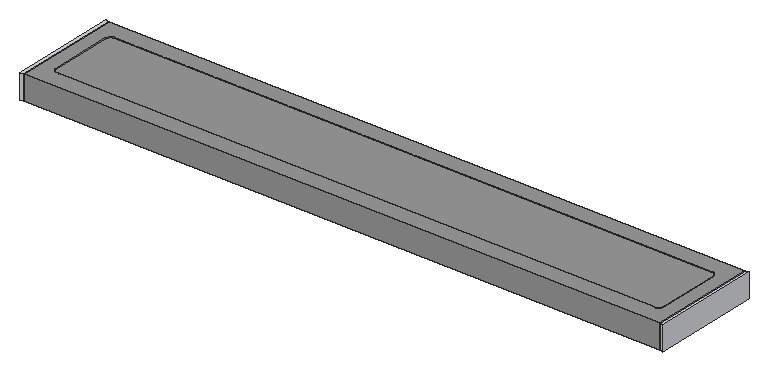
Revit family "0044083 Sylvania Lighting Fixture OPTIX S 1200 MPO D 4000K WHITE", category Lighting Fixtures, host Face, Revit 2016
Family settings
  Host = Face
  Part Type = Normal
  Round Connector Dimension = Use Diameter
  OmniClass Number = 23.80.70.00
  OmniClass Title = Lighting
  Cut with Voids When Loaded = No
  Light Source = Yes
  Shared = No
  Room Calculation Point = No
Parameters (values of type "0044083 OPTIX S 1200 MPO D 4K WHITE")
  spacer height = 5 mm
  spacer centres = 1000 mm
  lens width = 1135 mm
  full length = 1200 mm
  Width = 200 mm
  Weight = "n/a"
  Wattage Comments = ""
  Wattage = 9.2903 W
  WarrantyStartDate [instance] = "n/a"
  WarrantyGuarantorParts = "n/a"
  WarrantyDurationUnit = "n/a"
  WarrantyDurationParts = ""
  WarrantyDescription = "http://www.sylvania-lighting.com"
  built-in parameter 1150110 = 1 (stored number, unit not read)
  Voltage = 0 V
  URL = "0.98"
  TypeName = "OPTIX S 1200 MPO D 4000K WHITE"
  Type Image = <None>
  Type Comments = "n/a"
  built-in parameter 1114217 = 1 (stored number, unit not read)
  Tilt Angle = 90.00°
  built-in parameter 1150109 = 1 (stored number, unit not read)
  built-in parameter 1150134 = 3
  built-in parameter 1150113 = 1 (stored number, unit not read)
  SerialNumber [instance] = "n/a"
  Photometric Web File = "0044083.ies"
  Material_3_FEILO = none
  PowerFactor = 0
  PowerConsumption = "Lighting"
  NominalLength = 200 mm
  NominalHeight = 0 mm
  NominalDepth = 0 mm
  Name = "OPTIX S 1200 MPO D 4000K WHITE"
  ModelReference = Name  # "OPTIX S 1200 MPO D 4000K WHITE"
  ModelNumber = "0044083"
  Model = Name  # "OPTIX S 1200 MPO D 4000K WHITE"
  Material = "Feilo Sylvania"
  ManufacturerName = "124 lm/W"
  Manufacturer = ""
  LuminousEfficacy = ""
  built-in parameter 1150105 = 109.82 (stored number, unit not read)
  Lumens = 1380 lm
  LuminaireType = "0"
  built-in parameter 1150115 = 1 (stored number, unit not read)
  LightOutputRatio = "LED"
  built-in parameter 1150137 = (empty or 0)
  built-in parameter 1150139 = (empty or 0)
  Lens Width = 135 mm
  Length = 1188 mm
  LampsType = Lamp  # "n/a"
  LampNominalLuminous = "4000 K"
  LampMacAdamStep = "80"
  LampColourTemperature = "LED"
  LampColourRenderingIndex = "16500"
  built-in parameter 1150112 = 1 (stored number, unit not read)
  built-in parameter 1150114 = 1 (stored number, unit not read)
  Lamp = "n/a"
  Keynote = "n/a"
  InstallationDate [instance] = "n/a"
  InputVoltage = "0"
  InputNominalFrequency = "4000"
  built-in parameter 1150132 = (empty or 0)
  built-in parameter 1150102 = (empty or 0)
  built-in parameter 1150107 = 3200 (stored number, unit not read)
  built-in parameter 1150138 = (empty or 0)
  IngressProtection = "IfcLightFixtureType"
  ImpactProtectionIndex = "IfcLightFixtureType"
  built-in parameter 1150106 = 1.0982 (stored number, unit not read)
  IfcExportType = "IfcLightFixtureType"
  IfcExportAs = "Class I"
  Height = 50 mm
  ExpectedLife = 50000
  Emit from Circle Diameter = 609.6 mm
  Emit Shape Visible in Rendering = no
  ElectricShockClassification = "124"
  built-in parameter 1150104 = 13.8 (stored number, unit not read)
  DurationUnit = "hours"
  DocumentationLiterature = "http://www.sylvania-lighting.com/product/en-int/products/0044083"
  DimmingControlOptions = "n/a"
  Material_2_FEILO = none
  Dimming Lamp Color Temperature Shift = <None>
  Description = "OPTIX S 1200 MPO D 4K WHITE is a high efficacy low glare surface or suspended LED Linear luminaire with Micro Prismatic Optic, with direct light distribution, luminaire dimensions: 1200x200x50mm, Sylvania White body colour (RAL9016), IP20, IK07, Constant Current driver, low LED flicker (+/-5%), Neutral White (4000K) LED Colour Temperature, 2863lm luminous flux, 23W power consumption, 124lm/W system efficacy, CRI>80, SDCM 3 (3-step MacAdam ellipse) LED Colour Consistency, UGR<19, Luminance at 65° < 3000 cd/m2, lumen maintenance: L90B50 at 60000h, photobiological safety risk group 1. Electrical protection Class I."
  Default Elevation = 1219.2 mm
  CreatedOn = "20/10/2020"
  CreatedBy = "@sylvania-lighting.com"
  Cost = 0
  Color Filter = 16777215
  built-in parameter 1114216 [instance] = (empty or 0)
  ClassificationValue = "EF_70_80"
  ClassificationName = "Uniclass2015"
  Material_1_FEILO = none
  BarCode [instance] = "n/a"
  built-in parameter 1114218 = 1 (stored number, unit not read)
  built-in parameter 1150133 = 10 (stored number, unit not read)
  AssetType = "Fixed"
  AssetIdentifier [instance] = "n/a"
  Assembly Code = "D5020200"
  Apparent Load = 23 VA
  Material_4_FEILO = none
Reference planes
  plane 1 "Center (Front/Back)": y = 0
  plane 2: z = 0
  plane 3 "Center (Left/Right)": x = 0
  plane 4: z = 0
  plane 5: z = 50
  plane 6: y = 100
  plane 7: y = -100
  plane 8: x = -594
  plane 9: x = 594
  plane 10: z = 5
  plane 11: x = -500
  plane 12: x = 500
  plane 13: y = 10
  plane 14: y = -10
  plane 15: x = 487.5
  plane 16: x = 512.5
  plane 17: x = -512.5
  plane 18: x = -487.5
  plane 19: x = -567.5
  plane 20: x = 567.5
  plane 21: y = 67.5
  plane 22: y = -67.5
  plane 23: x = -557.5
  plane 24: y = 57.5
  plane 25: y = -57.5
  plane 26: x = 557.5
  plane 27: x = -600
  plane 28: x = 600
Forms (mm)
  Extrusion 1, solid, material "Aluminum 1100-H18", detail levels medium+fine
    sketch origin (4.2, 0, 0) x (1, 0, 0) y (0, 1, 0)
      loop
        line (-598.2, 100) -> (-598.2, -100) -> (589.8, -100) -> (589.8, 100) -> (-598.2, 100)
    from 5 to 50
  Extrusion 2, solid
    sketch origin (4.2, 0, 0) x (1, 0, 0) y (0, 1, 0)
      loop
        line (483.3, 10) -> (483.3, -10) -> (508.3, -10) -> (508.3, 10) -> (483.3, 10)
    from 0 to 5
  Extrusion 3, solid
    sketch origin (4.2, 0, 0) x (1, 0, 0) y (0, 1, 0)
      loop
        line (-516.7, 10) -> (-516.7, -10) -> (-491.7, -10) -> (-491.7, 10) -> (-516.7, 10)
    from 0 to 5
  Extrusion 4, void, detail levels fine
    sketch origin (4.2, 0, 0) x (0, 1, 0) y (1, 0, 0)
      loop
        line (67.5, -561.7) -> (67.5, 553.3)
        arc (67.5, 553.3) -> (64.571, 560.371) -> (57.5, 563.3) r 10
        line (57.5, 563.3) -> (-57.5, 563.3)
        arc (-57.5, 563.3) -> (-64.571, 560.371) -> (-67.5, 553.3) r 10
        line (-67.5, 553.3) -> (-67.5, -561.7)
        arc (-67.5, -561.7) -> (-64.571, -568.771) -> (-57.5, -571.7) r 10
        line (-57.5, -571.7) -> (57.5, -571.7)
        arc (57.5, -571.7) -> (64.571, -568.771) -> (67.5, -561.7) r 10
    from -50 to -48
  Extrusion 5, solid, detail levels medium+fine
    sketch origin (4.2, 0, 0) x (1, 0, 0) y (0, 1, 0)
      loop
        line (-604.2, 100) -> (-604.2, -100) -> (-598.2, -100) -> (-598.2, 100) -> (-604.2, 100)
    from 5 to 50
  Extrusion 6, solid, detail levels medium+fine
    sketch origin (4.2, 0, 0) x (1, 0, 0) y (0, 1, 0)
      loop
        line (589.8, 100) -> (589.8, -100) -> (595.8, -100) -> (595.8, 100) -> (589.8, 100)
    from 5 to 50
  Extrusion 7, solid, material "Glass, White, High Luminance", detail levels fine
    sketch origin (4.2, 0, 0) x (1, 0, 0) y (0, 1, 0)
      loop
        arc (-561.7, 67.5) -> (-568.771, 64.571) -> (-571.7, 57.5) r 10
        line (-571.7, 57.5) -> (-571.7, -57.5)
        arc (-571.7, -57.5) -> (-568.771, -64.571) -> (-561.7, -67.5) r 10
        line (-561.7, -67.5) -> (553.3, -67.5)
        arc (553.3, -67.5) -> (560.371, -64.571) -> (563.3, -57.5) r 10
        line (563.3, -57.5) -> (563.3, 57.5)
        arc (563.3, 57.5) -> (560.371, 64.571) -> (553.3, 67.5) r 10
        line (553.3, 67.5) -> (-561.7, 67.5)
    from 48 to 49.5
  Extrusion 8, solid, detail levels coarse
    sketch origin (4.2, 0, 0) x (1, 0, 0) y (0, 1, 0)
      loop
        line (-604.2, 100) -> (-604.2, -100) -> (595.8, -100) -> (595.8, 100) -> (-604.2, 100)
    from 0 to 50
Cuts and joins
  Extrusion 4 cuts Extrusion 2
  Extrusion 4 cuts Extrusion 3
  Extrusion 4 cuts Extrusion 1
Dimensions and locks
  "Width": plane 6 to plane 7
  equal spacing: plane 6, plane 1 "Center (Front/Back)", plane 7
  "Length": plane 8 to plane 9
  equal spacing: plane 8, plane 3 "Center (Left/Right)", plane 9
  "spacer height": plane 10 to host face
  "Height": plane 5 to level
  "spacer centres": plane 11 to plane 12
  equal spacing: plane 11, plane 3 "Center (Left/Right)", plane 12
  "lens width": plane 19 to plane 20
  equal spacing: plane 19, plane 3 "Center (Left/Right)", plane 20
  "Lens Width": plane 21 to plane 22
  equal spacing: plane 21, plane 1 "Center (Front/Back)", plane 22
  "full length": plane 27 to plane 28
  equal spacing: plane 27, plane 3 "Center (Left/Right)", plane 28
  aligned and locked: plane 2 to host face
  aligned and locked: level to host face
Automatic sketch dimensions
  host sketch curve to host sketch curve = 2438.4 mm  (x2)
  Extrusion 1 sketch curve to plane 7 = 0 mm
  Extrusion 1 sketch curve to plane 8 = 0 mm
  Extrusion 1 sketch curve to plane 9 = 0 mm
  Extrusion 1 sketch curve to plane 6 = 0 mm
  Extrusion 2 sketch curve to plane 14 = 0 mm
  Extrusion 2 sketch curve to plane 15 = 0 mm
  Extrusion 2 sketch curve to plane 16 = 0 mm
  Extrusion 2 sketch curve to plane 13 = 0 mm
  Extrusion 3 sketch curve to plane 14 = 0 mm
  Extrusion 3 sketch curve to plane 17 = 0 mm
  Extrusion 3 sketch curve to plane 18 = 0 mm
  Extrusion 3 sketch curve to plane 13 = 0 mm
  Extrusion 4 sketch curve to plane 22 = 0 mm
  Extrusion 4 sketch curve to plane 19 = 0 mm
  Extrusion 4 sketch curve to plane 25 = 0 mm  (x2)
  Extrusion 4 sketch curve to plane 20 = 0 mm
  Extrusion 4 sketch curve to plane 24 = 0 mm  (x2)
  Extrusion 4 sketch curve to plane 23 = 0 mm
  Extrusion 5 sketch curve to plane 7 = 0 mm
  Extrusion 5 sketch curve to plane 27 = 0 mm
  Extrusion 5 sketch curve to plane 8 = 0 mm
  Extrusion 5 sketch curve to plane 6 = 0 mm
  Extrusion 6 sketch curve to plane 7 = 0 mm
  Extrusion 6 sketch curve to plane 9 = 0 mm
  Extrusion 6 sketch curve to plane 28 = 0 mm
  Extrusion 6 sketch curve to plane 6 = 0 mm
  Extrusion 7 sketch curve to plane 23 = 0 mm  (x2)
  Extrusion 7 sketch curve to plane 21 = 0 mm
  Extrusion 7 sketch curve to plane 22 = 0 mm
  Extrusion 7 sketch curve to plane 26 = 0 mm  (x2)
  Extrusion 7 sketch curve to plane 20 = 0 mm
  Extrusion 7 sketch curve to plane 24 = 0 mm
  Extrusion 8 sketch curve to plane 7 = 0 mm
  Extrusion 8 sketch curve to plane 27 = 0 mm
  Extrusion 8 sketch curve to plane 28 = 0 mm
  Extrusion 8 sketch curve to plane 6 = 0 mm
Connectors
  electrical at (0, 0, 0), driven by "Apparent Load", driven by "PowerFactor", driven by "Voltage"
    settings: index 1, voltage 0 V, apparent load 23 VA, apparent load phase1 0 VA, apparent load phase2 0 VA, apparent load phase3 0 VA, power factor 0, load classification "Lighting", number of poles 1, system type 30, power factor state 1, is connector primary yes, connector utility no, sub classification motor no, connector description ""
